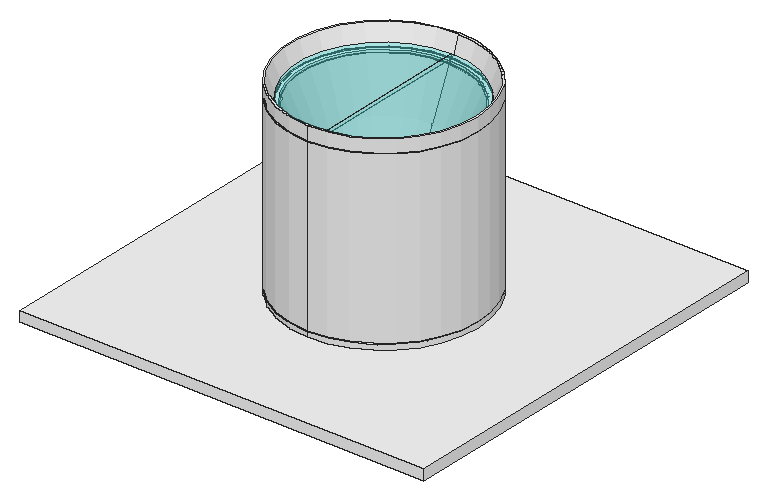
Revit family "BE_24418_de_DE", category Leuchten, Revit 2020
Family settings
  Basisbauteil = Fläche
  Bemaßung runder Anschluss = Durchmesser verwenden
  Teiletyp = Normal
  Beim Laden mit Abzugskörper schneiden = Ja
  Lichtquelle = Ja
  Gemeinsam genutzt = Nein
  Raumberechnungspunkt = Ja
Parameters (values of type "BEGA_24418_Weiß_K4")
  built-in parameter 1150104 = 15.979 (stored number, unit not read)
  Wattage = 35.7 W
  Default Elevation = 0 mm
  built-in parameter 1150113 = 1 (stored number, unit not read)
  built-in parameter 1114218 = 1 (stored number, unit not read)
  Umgebungstemperatur = "25 °C"
  URL = "https://www.bega.com/de/produkt/24418"
  Typenkommentare = "© 2022 BEGA. Wir behalten uns das Recht vor, technische Änderungen ohne vorherige Ankündigung vorzunehmen."  # constant formula
  Type Image = 24418.png
  built-in parameter 1150134 = 12
  built-in parameter 1150109 = 1 (stored number, unit not read)
  Strom = ""
  built-in parameter 1150110 = 1 (stored number, unit not read)
  Spannung = 239.996 V
  Sonderanfertigung = no
  Seriennummer [instance] = "Hier können Sie die eindeutige Seriennummer für das Facility Management eintragen."
  Schutzklasse = "I"
  Schutzart = "IP 65"
  Scheinlast = 0 VA
  Produktdatenblatt = "https://cdn.bega.com/bega/products/24418K3/current/documents/data-sheets/de"
  Oberflächentemperatur = ""
  Neigungswinkel = 0.00°
  Modell = "24418WK4"
  Material_17 = BEGA_Reflektor
  Material_15 = BEGA_Leuchtmedium_matt
  Material_11 = BEGA_Glas_opal
  Material_09 = BEGA_Glas_klar
  Material_06 = BEGA_Oberfläche_Edelstahl_gebürstet
  Material_03 = BEGA_Oberfläche_Weiss_matt
  Material_02 = BEGA_Oberfläche_Silber_matt
  Material_01 [instance] = BEGA_Oberfläche_Grafit_matt
  M_W = yes
  M_G = no
  M_A = no
  Logo = 0
  built-in parameter 1114217 = 1 (stored number, unit not read)
  built-in parameter 1150139 = (empty or 0)
  built-in parameter 1150105 = 7656.5 (stored number, unit not read)
  built-in parameter 1150114 = 1 (stored number, unit not read)
  Lumens = 6140.4 lm
  built-in parameter 1150115 = 1 (stored number, unit not read)
  Leuchtenlichtstrom = "4640 lm"
  Leuchtenanzahl = ""
  Lebensdauerkriterien = "L70B50 @ 25 °C = 180000 h"
  Lastklassifizierung = Beleuchtung
  built-in parameter 1150112 = 1 (stored number, unit not read)
  Lampenlichtstrom = "6165 lm"
  Lampe = "LED 35.7 W"
  LED_Modulbezeichnung = "LED-0785/840"
  Hersteller = "BEGA"  # constant formula
  Halbstreuwinkel = ""
  Gewicht = "2.9 kg"
  Gebrauchslageneinschränkung [instance] = ""
  Frequenz = "0/50-60 Hz"
  Farbwiedergabeindex = "CRI > 80"
  Farbtemperaturverschiebung bei Dämpfen der Lampe = <Keine Auswahl>
  Farbtemperatur = "4000 K"
  Color Filter = 16777215
  built-in parameter 1150133 = 10 (stored number, unit not read)
  Energieeffizienzklasse = "LED A++ - A"
  built-in parameter 1150137 = (empty or 0)
  built-in parameter 1150132 = (empty or 0)
  ENEC = "ja"
  Dimmbar [instance] = "DALI"
  Datei für fotometrisches Netz = "BE_24418K4.IES"
  CE_Konformität = "ja"
  Bestellnummer = "24418WK4"
  Beschreibung_Sonderanfertigung = "Hier können Sie Informationen zur Sonderanfertigung eintragen."
  Beschreibung = "Deckenaufbau-Tiefstrahler"
  built-in parameter 1150106 = 76.565 (stored number, unit not read)
  Befestigungsbohrung = "Ø 4,3 mm"
  Befestigungsabstand = "160 mm"
  Ballwurfsicher = ""
  BEGA_Intern_aus = yes
  BEGA_Intern_an = yes
  BEGA_Intern_Konstruktion = yes
  BEGA_Intern = yes
  BEGA_IES = yes
  BEGA_Dummy = no
  Anschlussleitung = ""
  Anschlussleistung [instance] = "38.2 W"
  Anschlusskasten = ""
  built-in parameter 1150107 = 4000 (stored number, unit not read)
  built-in parameter 1150102 = (empty or 0)
  built-in parameter 1150138 = (empty or 0)
  Aktualisierung = "2022-05-18T04:00:07"
  Abstand_zur_angestrahlten_Fläche [instance] = ""
  AC/DC = "AC/DC"
Types (4, lengths in mm): name | built-in parameter 1150104 | built-in parameter 1150134 | Modell | M_W | M_G | built-in parameter 1150105 | Lumens | Leuchtenlichtstrom | Lampenlichtstrom | LED_Modulbezeichnung | Farbtemperatur | Datei für fotometrisches Netz | Bestellnummer | built-in parameter 1150106 | built-in parameter 1150107
  BEGA_24418_Grafit_K3 | 15.608 (stored number, unit not read) | (empty or 0) | "24418K3" | no | yes | 7478.4 (stored number, unit not read) | 5997.6 lm | "4523 lm" | "6010 lm" | "LED-0785/830" | "3000 K" | "BE_24418K3.IES" | "24418K3" | 74.784 (stored number, unit not read) | 3000 (stored number, unit not read)
  BEGA_24418_Grafit_K4 | 15.979 (stored number, unit not read) | 12 | "24418K4" | no | yes | 7656.5 (stored number, unit not read) | 6140.4 lm | "4640 lm" | "6165 lm" | "LED-0785/840" | "4000 K" | "BE_24418K4.IES" | "24418K4" | 76.565 (stored number, unit not read) | 4000 (stored number, unit not read)
  BEGA_24418_Weiß_K3 | 15.608 (stored number, unit not read) | (empty or 0) | "24418WK3" | yes | no | 7478.4 (stored number, unit not read) | 5997.6 lm | "4523 lm" | "6010 lm" | "LED-0785/830" | "3000 K" | "BE_24418K3.IES" | "24418WK3" | 74.784 (stored number, unit not read) | 3000 (stored number, unit not read)
  BEGA_24418_Weiß_K4 | 15.979 (stored number, unit not read) | 12 | "24418WK4" | yes | no | 7656.5 (stored number, unit not read) | 6140.4 lm | "4640 lm" | "6165 lm" | "LED-0785/840" | "4000 K" | "BE_24418K4.IES" | "24418WK4" | 76.565 (stored number, unit not read) | 4000 (stored number, unit not read)
Reference planes
  plane 1 "Mitte (Vorne/Hinten)": y = 0
  plane 2: z = 0
  plane 3 "Mitte (Links/Rechts)": x = 0
  plane 4 "Links": x = -93.5
  plane 5 "Rechts": x = 93.5
  plane 6 "Unten": y = -93.5
  plane 7 "Oben": y = 93.5
  plane 8 "Vorne": z = 187.4
  plane 9 "Hinten": z = 0
Forms (mm)
  Extrusion 1, solid, material "BEGA_Platte_Weiss"
    sketch origin (0, -1119.2, 0) x (1, 0, 0) y (0, 1, 0)
      loop
        line (-200, 1319.2) -> (-200, 919.2) -> (200, 919.2) -> (200, 1319.2) -> (-200, 1319.2)
    from 0 to -10
  Extrusion 2, solid, material "BEGA_Dummy_matt", visible <- "BEGA_Dummy"
    sketch origin (77.149, -76.023, 0) x (1, 0, 0) y (0, 1, 0)
      loop
        circle (-77.149, 76.023) r 93.5
    from 0 to 187.4
Dimensions and locks
  plane 1 "Mitte (Vorne/Hinten)" to Extrusion 1 = 200 mm
  aligned and locked: plane 2 to Extrusion 1
  aligned and locked: level to Extrusion 1
Nested families
  nested 1: "BE_24418" at (0, 0, 0) x (0, 1, 0) z (0, 0, 1), type "BE_24418"
Connectors
  electrical at (0, 0, 0), driven by "Lastklassifizierung", driven by "Spannung", driven by "Scheinlast"
    settings: index 1, voltage 239.996 V, apparent load 0 VA, apparent load phase1 0 VA, apparent load phase2 0 VA, apparent load phase3 0 VA, power factor 1, load classification "Beleuchtung", number of poles 1, system type 31, power factor state 1, is connector primary yes, connector utility no, sub classification motor no, connector description ""
Definition of nested family "BE_24418"
  Parameters (values of type "BE_24418")
    Default Elevation = 1 mm
    URL = "http://www.bega.de/de/produkt"
    Type Comments = "© 2015 BEGA. Wir behalten uns das Recht vor, technische Änderungen ohne vorherige Ankündigung vorzunehmen. "  # constant formula
    Type Image = (empty or 0)
    Neigungswinkel_um_Z2 = 0.00°
    Neigungswinkel_um_Z1 = 0.00°
    Neigungswinkel_um_Y2 = 0.00°
    Neigungswinkel_um_Y1 = 0.00°
    Neigungswinkel_um_X2 = 0.00°
    Neigungswinkel_um_X1 = 0.00°
    Material_17 = none
    Material_15 = none
    Material_11 = none
    Material_09 = none
    Material_06 = none
    Material_03 = none
    Material_02 = none
    Material_01 = none
    M_W = yes
    M_G = yes
    M_A = yes
    Länge_Platte = 200 mm  # constant formula
    Höhe_Platte = -10 mm  # constant formula
    Manufacturer = "BEGA"  # constant formula
    Drehwinkel_um_Z2 = 0.00°
    Drehwinkel_um_Z1 = 0.00°
    Breite_Platte = 200 mm  # constant formula
  Reference planes
    plane 1 "Mitte (Oben/Unten)": y = 0
    plane 2: z = 0
    plane 3 "Mitte (Links/Rechts)": x = 0
    plane 4 "Hinten": z = -40
    plane 5: z = 187.4
    plane 6: x = -93.5
    plane 7: x = 93.5
    plane 8: y = 93.5
    plane 9: y = -93.5
  Forms (mm)
    Extrusion 1, solid, detail levels medium
      sketch origin (0, 0, 0) x (1, 0, 0) y (0, 1, 0)
        loop
          line (-100, 100) -> (-100, -100) -> (100, -100) -> (100, 100) -> (-100, 100)
      from 0 to -10 <- "Höhe_Platte"
    Revolve 2, solid, material <- "Material_09"
      sketch origin (0, 0, 0) x (1, 0, 0) y (0, 0, 1)
        loop
          line (-84.5, 173) -> (-84.5, 168.9) -> (0, 168.9) -> (0, 173) -> (-84.5, 173)
        axis (0, 168.9) -> (0, 173)
      angle from 0 to 360
    Revolve 3, solid, material <- "Material_17"
      sketch origin (0, 0, 0) x (1, 0, 0) y (0, 0, 1)
        loop
          line (-85, 164.6) -> (-81.237, 164.6)
          arc (-81.237, 164.6) -> (-61.141, 119.72) -> (-36.386, 77.232) r 461.8
          arc (-36.386, 77.232) -> (-35.852, 76.767) -> (-35.163, 76.6) r 1.5
          line (-35.163, 76.6) -> (-32, 76.6) -> (-32, 77.9)
          arc (-32, 77.9) -> (-32.146, 78.254) -> (-32.5, 78.4) r 0.5
          line (-32.5, 78.4) -> (-34.992, 78.4)
          arc (-34.992, 78.4) -> (-59.857, 121.192) -> (-79.999, 166.4) r 461.8
          line (-79.999, 166.4) -> (-84.937, 166.4) -> (-85, 164.6)
        axis (0, 166.4) -> (0, 76.6)
      angle from 0 to 360
    Revolve 4, solid, material <- "Material_01", visible <- "M_G"
      sketch origin (0, 0, 0) x (1, 0, 0) y (0, 0, 1)
        loop
          line (-93.5, 174.417) -> (-91.384, 174.194) -> (-89.5, 170.668) -> (-90.5, 170.091) -> (-90.5, 161.55) -> (-88.578, 160.9) -> (-87.309, 160.9) -> (-84.937, 166.4) -> (-81.087, 166.4) -> (-81.017, 168.4) -> (-84.965, 168.4) -> (-85, 169.4) -> (-92, 187.4) -> (-93.5, 187.4) -> (-93.5, 174.417)
        axis (0, 187.4) -> (0, 160.9)
      angle from 0 to 360
    Revolve 5, solid, material <- "Material_01", visible <- "M_G"
      sketch origin (0, 0, 0) x (1, 0, 0) y (0, 0, 1)
        loop
          line (-93.5, 173.4) -> (-93.5, 6) -> (-92.592, 6) -> (-91.5, 9) -> (-91.5, 25) -> (-83.5, 25) -> (-81.974, 68.7) -> (0, 68.7) -> (0, 73.7) -> (-80.682, 73.7) -> (-83.5, 154.398) -> (-91.5, 154.398) -> (-91.5, 170.4) -> (-92.592, 173.4) -> (-93.5, 173.4)
        axis (0, 173.4) -> (0, 6)
      angle from 0 to 360
    Revolve 6, solid, material <- "Material_01", visible <- "M_G"
      sketch origin (0, 0, 0) x (1, 0, 0) y (0, 0, 1)
        loop
          line (-83.843, 23) -> (-90.5, 23) -> (-90.5, 5.299) -> (-93.5, 4.983) -> (-93.5, 0) -> (-87.198, 0) -> (-86.5, 20) -> (-80, 20) -> (0, 20) -> (0, 23) -> (-83.843, 23)
        axis (0, 23) -> (0, 0)
      angle from 0 to 360
    Revolve 7, solid, material <- "Material_15"
      sketch origin (0, 0, 0) x (1, 0, 0) y (0, 0, 1)
        loop
          line (-25, 73.7) -> (0, 73.7) -> (0, 75.25) -> (-25, 75.25) -> (-25, 73.7)
        axis (0, 73.7) -> (0, 75.25)
      angle from 0 to 360
    Extrusion 8, solid, material <- "Material_01", visible <- "M_G"
      sketch origin (0, 0, 0) x (1, 0, 0) y (0, 1, 0)
        loop
          circle (0, -80) r 6.414
        loop
          circle (0, 80) r 6.414
        loop
          circle (0, 80) r 2.233
        loop
          circle (0, -80) r 2.233
      from 0 to 23
    Revolve 9, solid, material <- "Material_03"
      sketch origin (0, 0, 0) x (1, 0, 0) y (0, 0, 1)
        loop
          line (-93.5, 174.417) -> (-91.384, 174.194) -> (-89.5, 170.668) -> (-90.5, 170.091) -> (-90.5, 161.55) -> (-88.578, 160.9) -> (-87.309, 160.9) -> (-84.937, 166.4) -> (-81.087, 166.4) -> (-81.017, 168.4) -> (-84.965, 168.4) -> (-85, 169.4) -> (-92, 187.4) -> (-93.5, 187.4) -> (-93.5, 174.417)
        axis (0, 187.4) -> (0, 160.9)
      angle from 0 to 360
    Revolve 10, solid, material <- "Material_03"
      sketch origin (0, 0, 0) x (1, 0, 0) y (0, 0, 1)
        loop
          line (-93.5, 173.4) -> (-93.5, 6) -> (-92.592, 6) -> (-91.5, 9) -> (-91.5, 25) -> (-83.5, 25) -> (-81.974, 68.7) -> (0, 68.7) -> (0, 73.7) -> (-80.682, 73.7) -> (-83.5, 154.398) -> (-91.5, 154.398) -> (-91.5, 170.4) -> (-92.592, 173.4) -> (-93.5, 173.4)
        axis (0, 173.4) -> (0, 6)
      angle from 0 to 360
    Revolve 11, solid, material <- "Material_03"
      sketch origin (0, 0, 0) x (1, 0, 0) y (0, 0, 1)
        loop
          line (-83.843, 23) -> (-90.5, 23) -> (-90.5, 5.299) -> (-93.5, 4.983) -> (-93.5, 0) -> (-87.198, 0) -> (-86.5, 20) -> (-80, 20) -> (0, 20) -> (0, 23) -> (-83.843, 23)
        axis (0, 23) -> (0, 0)
      angle from 0 to 360
    Extrusion 12, solid, material <- "Material_03"
      sketch origin (0, 0, 0) x (1, 0, 0) y (0, 1, 0)
        loop
          circle (0, -80) r 6.414
        loop
          circle (0, 80) r 6.414
        loop
          circle (0, 80) r 2.233
        loop
          circle (0, -80) r 2.233
      from 0 to 23
    Extrusion 13, void
      sketch origin (0, 0, 0) x (1, 0, 0) y (0, 1, 0)
        loop
          circle (-65, -20) r 7.197
        loop
          circle (-65, 20) r 7.197
      from 0 to 28.487
  Cuts and joins
    Extrusion 13 cuts Revolve 6
    Extrusion 13 cuts Extrusion 8
    joined: Revolve 6, Extrusion 8
    Extrusion 13 cuts Revolve 11
    Extrusion 13 cuts Extrusion 12
    joined: Revolve 11, Extrusion 12
    Extrusion 13 cuts Revolve 2
    Extrusion 13 cuts Revolve 3
    Extrusion 13 cuts Revolve 5
    Extrusion 13 cuts Revolve 10
  Dimensions and locks
    equal spacing: Extrusion 1 sketch curve, plane 3 "Mitte (Links/Rechts)", Extrusion 1 sketch curve
    equal spacing: Extrusion 1 sketch curve, plane 1 "Mitte (Oben/Unten)", Extrusion 1 sketch curve
    "Länge_Platte": Extrusion 1 sketch curve to Extrusion 1 sketch curve
    "Breite_Platte": Extrusion 1 sketch curve to Extrusion 1 sketch curve
    aligned and locked: plane 2 to Extrusion 1
    aligned and locked: level to Extrusion 1
  Automatic sketch dimensions
    Revolve 2 sketch curve to plane 3 "Mitte (Links/Rechts)" = 0 mm  (x2)
    Revolve 2 sketch curve to Revolve 2 sketch curve = 84.5 mm
    Revolve 2 sketch curve to Revolve 2 sketch curve = 4.1 mm
    Revolve 2 sketch curve to Revolve 2 sketch curve = 7.629 mm
    Revolve 2 sketch curve to Revolve 2 sketch curve = 3.343 mm
    Revolve 3 sketch curve to plane 3 "Mitte (Links/Rechts)" = 0 mm
    Revolve 3 sketch curve to plane 3 "Mitte (Links/Rechts)" = 32 mm
    Revolve 3 sketch curve to Revolve 3 sketch curve = 0.5 mm
    Revolve 3 sketch curve to Revolve 3 sketch curve = 2.492 mm
    Revolve 3 sketch curve to Revolve 3 sketch curve = 0.171 mm
    Revolve 3 sketch curve to plane 3 "Mitte (Links/Rechts)" = 79.999 mm
    Revolve 3 sketch curve to Revolve 3 sketch curve = 1.238 mm
    Revolve 3 sketch curve to Revolve 3 sketch curve = 3.7 mm
    Revolve 3 sketch curve to Revolve 3 sketch curve = 0.063 mm
    level to Revolve 3 sketch curve = 78.4 mm
    Revolve 3 sketch curve to Revolve 3 sketch curve = 0.3 mm
    Revolve 3 sketch curve to Revolve 3 sketch curve = 1.3 mm
    plane 3 "Mitte (Links/Rechts)" to Revolve 3 sketch curve = 349.688 mm
    Revolve 3 sketch curve to Revolve 3 sketch curve = 1.603 mm
    Revolve 4 sketch curve to plane 3 "Mitte (Links/Rechts)" = 0 mm
    Revolve 4 sketch curve to plane 3 "Mitte (Links/Rechts)" = 81.017 mm
    Revolve 4 sketch curve to Revolve 4 sketch curve = 0.07 mm
    Revolve 4 sketch curve to Revolve 4 sketch curve = 3.85 mm
    Revolve 4 sketch curve to Revolve 4 sketch curve = 0.028 mm
    Revolve 4 sketch curve to Revolve 4 sketch curve = 0.035 mm
    Revolve 4 sketch curve to Revolve 4 sketch curve = 2.371 mm
    Revolve 4 sketch curve to Revolve 4 sketch curve = 1.27 mm
    Revolve 4 sketch curve to Revolve 4 sketch curve = 4.5 mm
    Revolve 4 sketch curve to Revolve 4 sketch curve = 1 mm  (x2)
    Revolve 4 sketch curve to Revolve 4 sketch curve = 1.884 mm
    Revolve 4 sketch curve to Revolve 4 sketch curve = 0.616 mm
    Revolve 4 sketch curve to Revolve 4 sketch curve = 2.116 mm
    Revolve 4 sketch curve to Revolve 4 sketch curve = 0.65 mm
    Revolve 4 sketch curve to Revolve 4 sketch curve = 0.222 mm
    Revolve 5 sketch curve to plane 3 "Mitte (Links/Rechts)" = 0 mm  (x2)
    Revolve 5 sketch curve to plane 3 "Mitte (Links/Rechts)" = 80.682 mm
    Revolve 5 sketch curve to Revolve 5 sketch curve = 1.292 mm
    Revolve 5 sketch curve to Revolve 5 sketch curve = 2.818 mm
    level to Revolve 5 sketch curve = 25 mm
    Revolve 5 sketch curve to Revolve 5 sketch curve = 1.526 mm
    Revolve 5 sketch curve to Revolve 5 sketch curve = 8 mm  (x2)
    Revolve 5 sketch curve to Revolve 5 sketch curve = 1.092 mm  (x2)
    level to Revolve 5 sketch curve = 6 mm
    Revolve 5 sketch curve to Revolve 5 sketch curve = 0.908 mm
    Revolve 5 sketch curve to Revolve 5 sketch curve = 3 mm  (x2)
    level to Revolve 5 sketch curve = 68.7 mm
    Revolve 5 sketch curve to Revolve 5 sketch curve = 5 mm
    Revolve 5 sketch curve to Revolve 5 sketch curve = 16.002 mm
    Revolve 5 sketch curve to Revolve 5 sketch curve = 40.698 mm
    Revolve 5 sketch curve to Revolve 5 sketch curve = 25 mm
    Revolve 7 sketch curve to plane 3 "Mitte (Links/Rechts)" = 0 mm  (x2)
    Revolve 7 sketch curve to Revolve 7 sketch curve = 25 mm
    Revolve 7 sketch curve to Revolve 7 sketch curve = 0 mm
    level to Revolve 7 sketch curve = 73.7 mm
    Revolve 7 sketch curve to Revolve 7 sketch curve = 1.55 mm
    Revolve 7 sketch curve to Revolve 7 sketch curve = 20 mm
    Revolve 7 sketch curve to Revolve 7 sketch curve = 5.439 mm
    Revolve 6 sketch curve to level = 0 mm
    Revolve 6 sketch curve to plane 3 "Mitte (Links/Rechts)" = 0 mm  (x2)
    level to Revolve 6 sketch curve = 23 mm
    Revolve 6 sketch curve to Revolve 6 sketch curve = 83.843 mm
    Revolve 6 sketch curve to Revolve 6 sketch curve = 2.657 mm
    Revolve 6 sketch curve to Revolve 6 sketch curve = 0.698 mm
    Revolve 6 sketch curve to Revolve 6 sketch curve = 4 mm
    Revolve 6 sketch curve to Revolve 6 sketch curve = 3 mm  (x2)
    Revolve 6 sketch curve to Revolve 6 sketch curve = 4.983 mm
    Revolve 6 sketch curve to Revolve 6 sketch curve = 0.315 mm
    Revolve 6 sketch curve to Revolve 6 sketch curve = 3.843 mm
    Revolve 6 sketch curve to Revolve 6 sketch curve = 17.175 mm
    Revolve 6 sketch curve to Revolve 6 sketch curve = 5 mm
    Revolve 9 sketch curve to plane 3 "Mitte (Links/Rechts)" = 0 mm
    Revolve 9 sketch curve to plane 3 "Mitte (Links/Rechts)" = 81.017 mm
    Revolve 9 sketch curve to Revolve 9 sketch curve = 0.07 mm
    Revolve 9 sketch curve to Revolve 9 sketch curve = 3.85 mm
    Revolve 9 sketch curve to Revolve 9 sketch curve = 0.028 mm
    Revolve 9 sketch curve to Revolve 9 sketch curve = 0.035 mm
    Revolve 9 sketch curve to Revolve 9 sketch curve = 2.371 mm
    Revolve 9 sketch curve to Revolve 9 sketch curve = 1.27 mm
    Revolve 9 sketch curve to Revolve 9 sketch curve = 4.5 mm
    Revolve 9 sketch curve to Revolve 9 sketch curve = 1 mm  (x2)
    Revolve 9 sketch curve to Revolve 9 sketch curve = 1.884 mm
    Revolve 9 sketch curve to Revolve 9 sketch curve = 0.616 mm
    Revolve 9 sketch curve to Revolve 9 sketch curve = 2.116 mm
    Revolve 9 sketch curve to Revolve 9 sketch curve = 0.65 mm
    Revolve 9 sketch curve to Revolve 9 sketch curve = 0.222 mm
    Revolve 10 sketch curve to plane 3 "Mitte (Links/Rechts)" = 0 mm  (x2)
    Revolve 10 sketch curve to plane 3 "Mitte (Links/Rechts)" = 80.682 mm
    Revolve 10 sketch curve to Revolve 10 sketch curve = 1.292 mm
    Revolve 10 sketch curve to Revolve 10 sketch curve = 2.818 mm
    level to Revolve 10 sketch curve = 25 mm
    Revolve 10 sketch curve to Revolve 10 sketch curve = 1.526 mm
    Revolve 10 sketch curve to Revolve 10 sketch curve = 8 mm  (x2)
    Revolve 10 sketch curve to Revolve 10 sketch curve = 1.092 mm  (x2)
    level to Revolve 10 sketch curve = 6 mm
    Revolve 10 sketch curve to Revolve 10 sketch curve = 0.908 mm
    Revolve 10 sketch curve to Revolve 10 sketch curve = 3 mm  (x2)
    level to Revolve 10 sketch curve = 68.7 mm
    Revolve 10 sketch curve to Revolve 10 sketch curve = 5 mm
    Revolve 10 sketch curve to Revolve 10 sketch curve = 16.002 mm
    Revolve 10 sketch curve to Revolve 10 sketch curve = 40.698 mm
    Revolve 10 sketch curve to Revolve 10 sketch curve = 25 mm
    Revolve 11 sketch curve to level = 0 mm
    Revolve 11 sketch curve to plane 3 "Mitte (Links/Rechts)" = 0 mm  (x2)
    level to Revolve 11 sketch curve = 20 mm
    Revolve 11 sketch curve to Revolve 11 sketch curve = 80 mm
    Revolve 11 sketch curve to Revolve 11 sketch curve = 3.843 mm
    Revolve 11 sketch curve to Revolve 11 sketch curve = 2.657 mm
    Revolve 11 sketch curve to Revolve 11 sketch curve = 0.698 mm
    Revolve 11 sketch curve to Revolve 11 sketch curve = 4 mm
    Revolve 11 sketch curve to Revolve 11 sketch curve = 3 mm  (x2)
    Revolve 11 sketch curve to Revolve 11 sketch curve = 4.983 mm
    Revolve 11 sketch curve to Revolve 11 sketch curve = 0.315 mm
    Revolve 11 sketch curve to Revolve 11 sketch curve = 17.175 mm
    Revolve 11 sketch curve to Revolve 11 sketch curve = 5 mm
    Extrusion 12 sketch curve to Extrusion 12 sketch curve = 0 mm  (x4)
    Extrusion 12 sketch curve to plane 3 "Mitte (Links/Rechts)" = 0 mm  (x2)
    plane 1 "Mitte (Oben/Unten)" to Extrusion 12 sketch curve = 80 mm
    Extrusion 12 sketch curve to plane 1 "Mitte (Oben/Unten)" = 80 mm
    level to Revolve 2 sketch curve = 168.9 mm
    Revolve 3 sketch curve to Revolve 3 sketch curve = 86.2 mm
    Revolve 3 sketch curve to Revolve 3 sketch curve = 1.8 mm
    Revolve 3 sketch curve to Revolve 3 sketch curve = 0.85 mm
    Revolve 3 sketch curve to Revolve 3 sketch curve = 66.193 mm
    Revolve 3 sketch curve to Revolve 3 sketch curve = 36.807 mm
    level to Revolve 4 sketch curve = 160.9 mm
    Revolve 4 sketch curve to Revolve 4 sketch curve = 5.5 mm
    Revolve 4 sketch curve to Revolve 4 sketch curve = 2 mm
    Revolve 4 sketch curve to Revolve 4 sketch curve = 0.691 mm
    Revolve 4 sketch curve to Revolve 4 sketch curve = 0.577 mm
    Revolve 4 sketch curve to Revolve 4 sketch curve = 3.526 mm
    Revolve 4 sketch curve to Revolve 4 sketch curve = 12.983 mm
    Revolve 4 sketch curve to Revolve 4 sketch curve = 4.6 mm
    Revolve 4 sketch curve to Revolve 4 sketch curve = 14.4 mm
    Revolve 5 sketch curve to Revolve 5 sketch curve = 80.698 mm
    level to Revolve 9 sketch curve = 160.9 mm
    Revolve 9 sketch curve to Revolve 9 sketch curve = 5.5 mm
    Revolve 9 sketch curve to Revolve 9 sketch curve = 2 mm
    Revolve 9 sketch curve to Revolve 9 sketch curve = 0.691 mm
    Revolve 9 sketch curve to Revolve 9 sketch curve = 0.577 mm
    Revolve 9 sketch curve to Revolve 9 sketch curve = 3.526 mm
    Revolve 9 sketch curve to Revolve 9 sketch curve = 12.983 mm
    Revolve 9 sketch curve to Revolve 9 sketch curve = 4.6 mm
    Revolve 9 sketch curve to Revolve 9 sketch curve = 14.4 mm
    Revolve 10 sketch curve to Revolve 10 sketch curve = 80.698 mm
    radius of Extrusion 12 sketch curve = 6.414 mm  (x2)
    radius of Extrusion 12 sketch curve = 2.233 mm  (x2)
